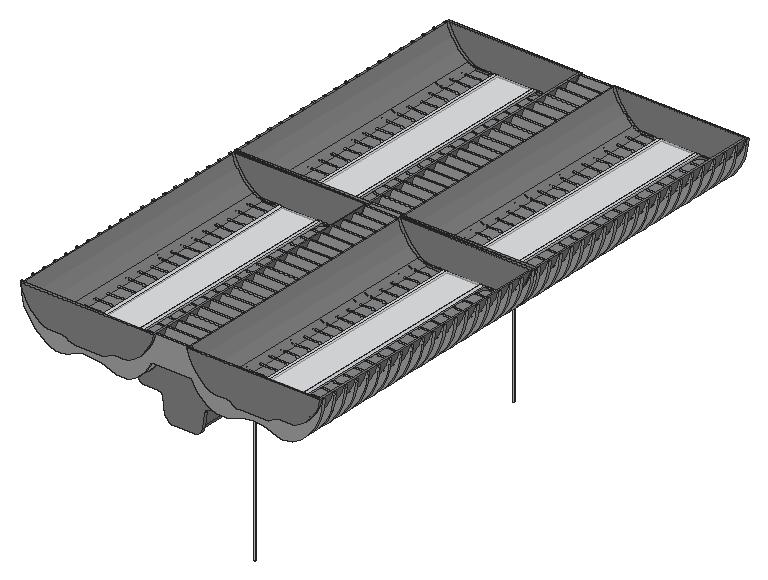
Revit family "0039265 Feilo Sylvania Lighting Fixtures SYLBAY LED 4000K 31KLM WIDE DALI", category Lighting Fixtures, host Face, Revit 2017 (continued)
Definition of nested family "SylbayBody"
  Definition of nested family "SlybayRib"
    Forms (mm)
      Extrusion 2, solid, material <- "BodyMaterial"
        sketch origin (0, 0, 0) x (1, 0, 0) y (0, 0, 1)
          loop
            arc (-117.917, -43.728) -> (-121.079, -43.215) -> (-123.917, -41.728) r 10
            line (-123.917, -41.728) -> (-126.583, -39.728)
            arc (-126.583, -39.728) -> (-129.421, -38.242) -> (-132.583, -37.728) r 10
            line (-132.583, -37.728) -> (-145.75, -37.728)
            arc (-145.75, -37.728) -> (-153.193, -36.71) -> (-160.088, -33.728) r 27.697
            arc (-160.088, -33.728) -> (-176.046, -19.314) -> (-185.5, 0) r 56.788
            line (-185.5, 0) -> (-187.5, 0)
        from 1.25 <- "RibExtrusionStart_FEILO" to -1.25 <- "RibExtrusionEnd_FEILO"
    Dimensions and locks
      equal spacing: plane 5, plane 3 "Center (Left/Right)", plane 4
      locked: plane 5 to plane 4 at 375
      locked: plane 6 to plane 7 at 62.478
      locked: plane 6 to plane 8 at 53.728
      equal spacing: plane 10, plane 3 "Center (Left/Right)", plane 9
      plane 3 "Center (Left/Right)" to plane 9 = 102.75 mm
      locked: plane 6 to plane 11 at 33.728
      equal spacing: plane 13, plane 9, plane 12
      locked: plane 14 to plane 8 at 10
      equal spacing: plane 16, plane 9, plane 15
      locked: plane 9 to plane 15 at 20
      locked: plane 17 to plane 14 at 6
      equal spacing: plane 19, plane 9, plane 18
      locked: plane 15 to plane 18 at 8
      equal spacing: plane 21, plane 9, plane 20
      locked: plane 18 to plane 20 at 15
      locked: plane 13 to plane 22 at 5.3
      locked: plane 3 "Center (Left/Right)" to Extrusion 2 sketch curve at 83.982  (x2)
      locked: plane 3 "Center (Left/Right)" to Extrusion 2 sketch curve at 79.005  (x2)
      locked: plane 3 "Center (Left/Right)" to Extrusion 2 sketch curve at 119.907  (x2)
      locked: plane 3 "Center (Left/Right)" to Extrusion 2 sketch curve at 61.405  (x2)
      locked: plane 3 "Center (Left/Right)" to Extrusion 2 sketch curve at 138.973  (x2)
      locked: plane 3 "Center (Left/Right)" to Extrusion 2 sketch curve at 84.583  (x2)
      locked: plane 3 "Center (Left/Right)" to Extrusion 2 sketch curve at 117.917  (x2)
      locked: plane 3 "Center (Left/Right)" to Extrusion 2 sketch curve at 132.583  (x2)
      locked: plane 3 "Center (Left/Right)" to Extrusion 2 sketch curve at 69.917  (x2)
      locked: Extrusion 2 sketch curve to plane 6 at 21.825  (x2)
      locked: Extrusion 2 sketch curve to plane 6 at 0.822  (x2)
      locked: plane 6 to Extrusion 2 sketch curve at 10.994  (x2)
      locked: plane 6 to Extrusion 2 sketch curve at 15.285  (x2)
      locked: plane 6 to Extrusion 2 sketch curve at 31.076  (x2)
      locked: plane 6 to Extrusion 2 sketch curve at 33.728  (x4)
      locked: plane 6 to Extrusion 2 sketch curve at 29.917  (x2)
      locked: plane 6 to Extrusion 2 sketch curve at 47.728  (x4)
      locked: plane 6 to Extrusion 2 sketch curve at 100.413  (x2)
      locked: plane 6 to Extrusion 2 sketch curve at 141.419  (x2)
      locked: plane 3 "Center (Left/Right)" to Extrusion 2 sketch curve at 106.788  (x2)
      locked: plane 3 "Center (Left/Right)" to Extrusion 2 sketch curve at 104.198  (x2)
      locked: plane 3 "Center (Left/Right)" to Extrusion 2 sketch curve at 130.69  (x2)
      locked: Extrusion 2 sketch curve to plane 6 at 14.858  (x2)
      locked: plane 6 to Extrusion 2 sketch curve at 10.032  (x2)
      locked: plane 3 "Center (Left/Right)" to Extrusion 2 sketch curve at 145.75  (x2)
      aligned and locked: plane 2 to Extrusion 1
      aligned and locked: level to Extrusion 1
      aligned and locked: plane 6 to Extrusion 2 sketch curve
      aligned and locked: plane 4 to Extrusion 2 sketch curve
      aligned and locked: plane 17 to Extrusion 2 sketch curve
      aligned and locked: plane 14 to Extrusion 2 sketch curve
      aligned and locked: Extrusion 2 sketch curve to plane 17
      aligned and locked: plane 8 to Extrusion 2 sketch curve  (x3)
      aligned and locked: plane 2 to plane 6
      aligned and locked: plane 20 to Extrusion 2 sketch curve
      aligned and locked: plane 11 to Extrusion 2 sketch curve  (x2)
      aligned and locked: plane 12 to Extrusion 2 sketch curve
      aligned and locked: Extrusion 2 sketch curve to plane 6
      aligned and locked: Extrusion 2 sketch curve to level
      aligned and locked: Extrusion 2 sketch curve to plane 11
    Automatic sketch dimensions
      Extrusion 1 sketch curve to Extrusion 1 sketch curve = 2438.4 mm  (x2)
      Extrusion 2 sketch curve to plane 11 = 0 mm  (x6)
      Extrusion 2 sketch curve to plane 8 = 0 mm  (x7)
      Extrusion 2 sketch curve to plane 17 = 0 mm
      Extrusion 2 sketch curve to plane 5 = 0 mm
      Extrusion 2 sketch curve to plane 14 = 0 mm
      Extrusion 2 sketch curve to plane 17 = 2 mm  (x3)
      Extrusion 2 sketch curve to plane 15 = 1.167 mm
      plane 14 to Extrusion 2 sketch curve = 2 mm  (x3)
      Extrusion 2 sketch curve to plane 19 = 1.167 mm
Definition of nested family "SlybayRib"
  Parameters (values of type "SylbayRib")
    URL = "http://www.feilosylvania.com"
    Type Image = (empty or 0)
    Type Comments = "n/a"
    RibThickness_FEILO = 2.5 mm
    RibExtrusionStart_FEILO = RibThickness_FEILO / 2  # 1.25 mm
    RibExtrusionEnd_FEILO = -RibThickness_FEILO / 2  # -1.25 mm
    RibDistance_FEILO = 0 mm
    Model = ""
    Manufacturer = "Feilo Sylvania"
    Keynote = ""
    Description = "n/a"
    Default Elevation = 1219.2 mm
    Cost = 0
    BodyMaterial = none
    Assembly Code = ""
  Reference planes
    plane 1 "Center (Front/Back)": y = 0
    plane 2: z = 0
    plane 3 "Center (Left/Right)": x = 0
    plane 4: x = -187.5
    plane 5: x = 187.5
    plane 6: z = 0
    plane 7: z = -62.478
    plane 8: z = -53.728
    plane 9: x = -102.75
    plane 10: x = 102.75
    plane 11: z = -33.728
    plane 12: x = -185.5
    plane 13: x = -20
    plane 14: z = -43.728
    plane 15: x = -122.75
    plane 16: x = -82.75
    plane 17: z = -37.728
    plane 18: x = -130.75
    plane 19: x = -74.75
    plane 20: x = -145.75
    plane 21: x = -59.75
    plane 22: x = -25.3
  Forms (mm)
    Extrusion 1, solid
      sketch origin (4.2, 0, 0) x (1, 0, 0) y (0, 1, 0)
        loop
          line (-1219.2, 1219.2) -> (-1219.2, -1219.2) -> (1219.2, -1219.2) -> (1219.2, 1219.2) -> (-1219.2, 1219.2)
      from 0 to -304.8
    Extrusion 2, solid, material <- "BodyMaterial"
      sketch origin (0, 0, 0) x (1, 0, 0) y (0, 0, 1)
        loop
          arc (-187.5, 0) -> (-180.003, -30.129) -> (-159.829, -53.728) r 67.598
          arc (-159.829, -53.728) -> (-143.258, -61.567) -> (-125.169, -58.599) r 30.791
          arc (-125.169, -58.599) -> (-113.533, -54.576) -> (-101.25, -53.728) r 46.777
          arc (-101.25, -53.728) -> (-87.202, -55.765) -> (-73.664, -60.037) r 87.865
          arc (-73.664, -60.037) -> (-55.541, -61.903) -> (-39.258, -53.728) r 32.519
          arc (-39.258, -53.728) -> (-31.199, -44.469) -> (-25.254, -33.728) r 58.361
          line (-25.254, -33.728) -> (25.254, -33.728)
          arc (25.254, -33.728) -> (31.199, -44.469) -> (39.258, -53.728) r 58.361
          arc (39.258, -53.728) -> (55.541, -61.903) -> (73.664, -60.037) r 32.519
          arc (73.664, -60.037) -> (87.202, -55.765) -> (101.25, -53.728) r 87.865
          arc (101.25, -53.728) -> (113.533, -54.576) -> (125.169, -58.599) r 46.777
          arc (125.169, -58.599) -> (143.258, -61.567) -> (159.829, -53.728) r 30.791
          arc (159.829, -53.728) -> (180.003, -30.129) -> (187.5, 0) r 67.598
          line (187.5, 0) -> (185.5, 0)
          arc (185.5, 0) -> (176.046, -19.314) -> (160.088, -33.728) r 56.788
          arc (160.088, -33.728) -> (153.193, -36.71) -> (145.75, -37.728) r 27.697
          line (145.75, -37.728) -> (132.583, -37.728)
          arc (132.583, -37.728) -> (129.421, -38.242) -> (126.583, -39.728) r 10
          line (126.583, -39.728) -> (123.917, -41.728)
          arc (123.917, -41.728) -> (121.079, -43.215) -> (117.917, -43.728) r 10
          line (117.917, -43.728) -> (84.583, -43.728)
          arc (84.583, -43.728) -> (81.421, -43.215) -> (78.583, -41.728) r 10
          line (78.583, -41.728) -> (75.917, -39.728)
          arc (75.917, -39.728) -> (73.079, -38.242) -> (69.917, -37.728) r 10
          line (69.917, -37.728) -> (58.25, -37.728)
          arc (58.25, -37.728) -> (51.55, -36.705) -> (45.461, -33.728) r 22.443
          arc (45.461, -33.728) -> (30.027, -18.905) -> (20, 0) r 67.602
          line (20, 0) -> (-20, 0)
          arc (-20, 0) -> (-30.027, -18.905) -> (-45.461, -33.728) r 67.602
          arc (-45.461, -33.728) -> (-51.55, -36.705) -> (-58.25, -37.728) r 22.443
          line (-58.25, -37.728) -> (-69.917, -37.728)
          arc (-69.917, -37.728) -> (-73.079, -38.242) -> (-75.917, -39.728) r 10
          line (-75.917, -39.728) -> (-78.583, -41.728)
          arc (-78.583, -41.728) -> (-81.421, -43.215) -> (-84.583, -43.728) r 10
          line (-84.583, -43.728) -> (-117.917, -43.728)
          arc (-117.917, -43.728) -> (-121.079, -43.215) -> (-123.917, -41.728) r 10
          line (-123.917, -41.728) -> (-126.583, -39.728)
          arc (-126.583, -39.728) -> (-129.421, -38.242) -> (-132.583, -37.728) r 10
          line (-132.583, -37.728) -> (-145.75, -37.728)
          arc (-145.75, -37.728) -> (-153.193, -36.71) -> (-160.088, -33.728) r 27.697
          arc (-160.088, -33.728) -> (-176.046, -19.314) -> (-185.5, 0) r 56.788
          line (-185.5, 0) -> (-187.5, 0)
      from 1.25 <- "RibExtrusionStart_FEILO" to -1.25 <- "RibExtrusionEnd_FEILO"
  Dimensions and locks
    equal spacing: plane 5, plane 3 "Center (Left/Right)", plane 4
    locked: plane 5 to plane 4 at 375
    locked: plane 6 to plane 7 at 62.478
    locked: plane 6 to plane 8 at 53.728
    equal spacing: plane 10, plane 3 "Center (Left/Right)", plane 9
    plane 3 "Center (Left/Right)" to plane 9 = 102.75 mm
    locked: plane 6 to plane 11 at 33.728
    equal spacing: plane 13, plane 9, plane 12
    locked: plane 14 to plane 8 at 10
    equal spacing: plane 16, plane 9, plane 15
    locked: plane 9 to plane 15 at 20
    locked: plane 17 to plane 14 at 6
    equal spacing: plane 19, plane 9, plane 18
    locked: plane 15 to plane 18 at 8
    equal spacing: plane 21, plane 9, plane 20
    locked: plane 18 to plane 20 at 15
    locked: plane 13 to plane 22 at 5.3
    locked: plane 3 "Center (Left/Right)" to Extrusion 2 sketch curve at 83.982  (x2)
    locked: plane 3 "Center (Left/Right)" to Extrusion 2 sketch curve at 79.005  (x2)
    locked: plane 3 "Center (Left/Right)" to Extrusion 2 sketch curve at 119.907  (x2)
    locked: plane 3 "Center (Left/Right)" to Extrusion 2 sketch curve at 61.405  (x2)
    locked: plane 3 "Center (Left/Right)" to Extrusion 2 sketch curve at 138.973  (x2)
    locked: plane 3 "Center (Left/Right)" to Extrusion 2 sketch curve at 84.583  (x2)
    locked: plane 3 "Center (Left/Right)" to Extrusion 2 sketch curve at 117.917  (x2)
    locked: plane 3 "Center (Left/Right)" to Extrusion 2 sketch curve at 132.583  (x2)
    locked: plane 3 "Center (Left/Right)" to Extrusion 2 sketch curve at 69.917  (x2)
    locked: Extrusion 2 sketch curve to plane 6 at 21.825  (x2)
    locked: Extrusion 2 sketch curve to plane 6 at 0.822  (x2)
    locked: plane 6 to Extrusion 2 sketch curve at 10.994  (x2)
    locked: plane 6 to Extrusion 2 sketch curve at 15.285  (x2)
    locked: plane 6 to Extrusion 2 sketch curve at 31.076  (x2)
    locked: plane 6 to Extrusion 2 sketch curve at 33.728  (x4)
    locked: plane 6 to Extrusion 2 sketch curve at 29.917  (x2)
    locked: plane 6 to Extrusion 2 sketch curve at 47.728  (x4)
    locked: plane 6 to Extrusion 2 sketch curve at 100.413  (x2)
    locked: plane 6 to Extrusion 2 sketch curve at 141.419  (x2)
    locked: plane 3 "Center (Left/Right)" to Extrusion 2 sketch curve at 106.788  (x2)
    locked: plane 3 "Center (Left/Right)" to Extrusion 2 sketch curve at 104.198  (x2)
    locked: plane 3 "Center (Left/Right)" to Extrusion 2 sketch curve at 130.69  (x2)
    locked: Extrusion 2 sketch curve to plane 6 at 14.858  (x2)
    locked: plane 6 to Extrusion 2 sketch curve at 10.032  (x2)
    locked: plane 3 "Center (Left/Right)" to Extrusion 2 sketch curve at 145.75  (x2)
    aligned and locked: plane 2 to Extrusion 1
    aligned and locked: level to Extrusion 1
    aligned and locked: plane 6 to Extrusion 2 sketch curve
    aligned and locked: plane 4 to Extrusion 2 sketch curve
    aligned and locked: plane 17 to Extrusion 2 sketch curve
    aligned and locked: plane 14 to Extrusion 2 sketch curve
    aligned and locked: Extrusion 2 sketch curve to plane 17
    aligned and locked: plane 8 to Extrusion 2 sketch curve  (x3)
    aligned and locked: plane 2 to plane 6
    aligned and locked: plane 20 to Extrusion 2 sketch curve
    aligned and locked: plane 11 to Extrusion 2 sketch curve  (x2)
    aligned and locked: plane 12 to Extrusion 2 sketch curve
    aligned and locked: Extrusion 2 sketch curve to plane 6
    aligned and locked: Extrusion 2 sketch curve to level
    aligned and locked: Extrusion 2 sketch curve to plane 11
  Automatic sketch dimensions
    Extrusion 1 sketch curve to Extrusion 1 sketch curve = 2438.4 mm  (x2)
    Extrusion 2 sketch curve to plane 11 = 0 mm  (x6)
    Extrusion 2 sketch curve to plane 8 = 0 mm  (x7)
    Extrusion 2 sketch curve to plane 17 = 0 mm
    Extrusion 2 sketch curve to plane 5 = 0 mm
    Extrusion 2 sketch curve to plane 14 = 0 mm
    Extrusion 2 sketch curve to plane 17 = 2 mm  (x3)
    Extrusion 2 sketch curve to plane 15 = 1.167 mm
    plane 14 to Extrusion 2 sketch curve = 2 mm  (x3)
    Extrusion 2 sketch curve to plane 19 = 1.167 mm
